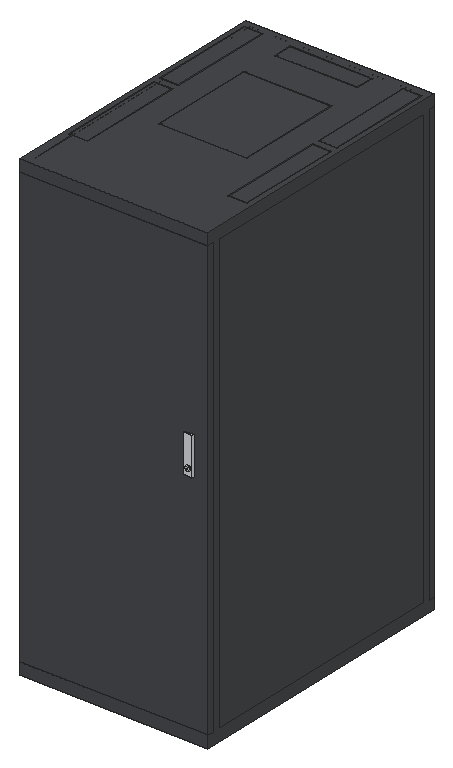
Revit family "Baie Linkeo DC largeur 800", category Equipement spécialisé, Revit 2020
Family settings
  Cote de connecteur circulaire = Utiliser le diamètre
  Type d'élément = Normal
  Basée sur le plan de construction = Non
  Toujours verticalement = Oui
  Couper avec des vides une fois chargée = Non
  Partagée = Oui
  Point de calcul de pièce = Non
Parameters (values of type "Baie Linkeo2 42U 800x1200")
  Profondeur du modèle = 1200.00 mm
  cd38db86-4490-4d9d-27f0-77a5fd12e0a2 = "IDS_CORPS_FIXE"
  Hauteur du modèle = 1965.00 mm
  Type d'aération = "Passive"
  Lien e-catalogue = "https://www.legrand.fr/reference/446803/pro"
  Passage utile en hauteur (mm) = 1881.00 mm
  Nombre d'unités en hauteur = 42
  Avec porte frontale = yes
  Hauteur = 2047.00 mm
  Classe d'application = "EC002499"
  RAL = "9005"
  Nombre de portes = "1"
  Température de stockage = "-25°C à 70°C"
  Elévation par défaut = 0.00 mm
  Distance ouverture 1 = 275.00 mm
  Profondeur = 1200.00 mm
  Emplacement de rack = 93.00 mm
  Avec tôle de toit = yes
  Verrouillage de la porte avant = "A trois points"
  Dimension modulaire = "19 pouces"
  Largeur (mm) = 800.00 mm
  Type de montage = "Avant et arrière"
  Indice de protection IK = "IK02"
  Libellé BIM = "Baie Linkeo DC 42U 800x1200 équipée"
  Température de fonctionnement = "-25°C à 70°C"
  Couleur = IDS_NOIR
  Matériau = "Acier"
  Référence Legrand = "446803"
  Fonction = "Baies serveur Linkeo DC"
  Finition de surface = "Poudré"
  Capacité de charge max = "1500"
  Passage utile en largeur (mm) = 1090.00 mm
  Modèle de largeur = 800.00 mm
  Indice de protection IP = "IP20"
  Avec mise à la terre = yes
  Matériau de la porte avant = IDS_ACIER
Types (4, lengths in mm): name | Profondeur du modèle | Hauteur du modèle | Lien e-catalogue | Nombre d'unités en hauteur | Hauteur | Profondeur | Libellé BIM | Référence Legrand | Passage utile en largeur (mm)
  Baie Linkeo2 42U 800x1000 | 1000.00 | 1965.00 | "https://www.legrand.fr/reference/446802/pro" | 42 | 2047.00 | 1000.00 | "Baie Linkeo DC 42U 800x1000 équipée" | "446802" | 890.00
  Baie Linkeo2 42U 800x1200 | 1200.00 | 1965.00 | "https://www.legrand.fr/reference/446803/pro" | 42 | 2047.00 | 1200.00 | "Baie Linkeo DC 42U 800x1200 équipée" | "446803" | 1090.00
  Baie Linkeo2 47U 800x1000 | 1000.00 | 2190.00 | "https://www.legrand.fr/reference/446806/pro" | 47 | 2269.00 | 1000.00 | "Baie Linkeo DC 47U 800x1000 équipée" | "446806" | 890.00
  Baie Linkeo2 47U 800x1200 | 1200.00 | 2190.00 | "https://www.legrand.fr/reference/446807/pro" | 47 | 2269.00 | 1200.00 | "Baie Linkeo DC 47U 800x1200 équipée" | "446807" | 1090.00
Reference planes
  plane 1 "Centre (avant/arrière)": y = 106
  plane 2: z = 0
  plane 3: x = -100
  plane 4: x = 700
  plane 5: z = 1965
  plane 6: y = -1094
  plane 7: x = 55
  plane 8: x = 545
  plane 9: x = 300
  plane 10: z = 1915
  plane 11: z = 50
  plane 12: z = 982.5
  plane 13: y = -1092
  plane 14: x = 300
  plane 15: y = -444.5
  plane 16: y = 455.094
  plane 17: x = 1428.928
  plane 18: z = -485.313
  plane 19: x = 2466.566
  plane 20: z = 982.5
  plane 21: x = 300
  plane 22: x = 500
  plane 23: x = 100
  plane 24: x = 300
  plane 25: y = -1001
  plane 26: x = 525
  plane 27: y = -999.5
  plane 28: x = 556.5
  plane 29: x = 558
  plane 30: y = -960.5
  plane 31: y = -959
  plane 32: x = 534.5
  plane 33: x = 536
  plane 34: z = 80
  plane 35: z = 89.5
  plane 36: x = 528.5
  plane 37: x = 538
  plane 38: z = 111.75
  plane 39: z = 121.25
  plane 40: y = -742.5
  plane 41: y = -752
  plane 42: z = 105.38
  plane 43: z = 95.88
  plane 44: x = 77
  plane 45: x = 67.5
  plane 46: x = 66
  plane 47: z = 55
  plane 48: z = 1930
  plane 49: z = 982.5
  plane 50: y = -1094
  plane 51: y = 66
  plane 52: z = 35
  plane 53: y = -601
  plane 54 "Panneaux gauche": y = -997.5
  plane 55 "Panneaux droit": y = 62.5
  plane 56 "Panneaux haut": z = 1928
  plane 57: z = 1880
  plane 58: z = 1880
  plane 59: y = -467.5
  plane 60: x = 175
  plane 61: x = 425
  plane 62: y = 61
  plane 63: y = -19
  plane 64: x = 125
  plane 65: x = 475
  plane 66: y = -344.658
  plane 67: y = 102.842
  plane 68: y = -342.158
  plane 69: x = 127.5
  plane 70: y = 91.5
  plane 71: y = 7.5
  plane 72: x = 499.5
  plane 73: y = -619
  plane 74: y = -171.5
  plane 75: y = -616.5
  plane 76: x = -49
  plane 77: x = 41
  plane 78: y = -92
  plane 79: y = -496
  plane 80: y = -94.5
  plane 81: x = -46.5
  plane 82: x = 559
  plane 83: x = 649
  plane 84: x = 115
  plane 85: x = 485
  plane 86: x = 115
  plane 87: x = 485
  plane 88: y = -1001
  plane 89: z = 124.45
  plane 90: x = 42
  plane 91: y = -493.5
  plane 92: x = 561.5
  plane 93: z = 1897
  plane 94: y = -494
  plane 95: y = 84.5
  plane 96: y = -1072.5
  plane 97: x = 41
  plane 98: x = 559
  plane 99: x = 300
  plane 100: z = 1897
  plane 101: y = -694
  plane 102: z = 72
  plane 103: z = 1893
  plane 104: y = 82.5
  plane 105: y = -1070.5
  plane 106: x = 38.5
  plane 107: x = 646.5
  plane 108: x = 678.5
  plane 109: x = -78.5
  plane 110: z = 1923
  plane 111: z = 42
  plane 112: z = 982.5
  plane 113: y = -494
  plane 114: y = 51
  plane 115: y = -1039
  plane 116: y = -294
  plane 117: y = -494
  plane 118: y = -16.5
  plane 119: y = 58.5
  plane 120: x = 472.5
  plane 121: y = 23.5
  plane 122: y = 98.5
  plane 123: x = 438
  plane 124: x = 150
  plane 125: x = 450
  plane 126: x = 177.5
  plane 127: x = 422.5
  plane 128: y = -169
  plane 129: y = 105.342
  plane 130: x = 112.5
  plane 131: x = 487.5
  plane 132: x = 112.5
  plane 133: x = 487.5
  plane 134: x = 605
  plane 135: x = 641
  plane 136: z = 1175
  plane 137: z = 1015
  plane 138: x = 623
  plane 139: y = -870
  plane 140: y = -1070
  plane 141: y = 82
  plane 142: y = -1104
  plane 143: x = -5
  plane 144: x = -41
  plane 145: z = 1175
  plane 146: z = 1015
  plane 147: x = 77
  plane 148: z = 1854.5
  plane 149: z = 1854.5
  plane 150: z = 0
  plane 151: z = 46.5
  plane 152: x = -78
  plane 153: x = 2
  plane 154: y = -379
  plane 155: y = 71
  plane 156: y = -409
  plane 157: y = -859
  plane 158: x = 678
  plane 159: x = 598
  plane 160: y = -379
  plane 161: y = 71
  plane 162: y = -409
  plane 163: y = -859
Forms (mm)
  Extrusion 1, solid, material "IDS_NOIR" <- "Couleur"
    sketch origin (-100, 0, 0) x (0, 1, 0) y (0, 0, 1)
      loop
        line (-1094, 0) -> (106, 0) -> (106, 1965) -> (-1094, 1965) -> (-1094, 0)
    from 0 to 800
  Extrusion 2, void
    sketch origin (-250, 82.5, 1200) x (1, 0, 0) y (0, 0, 1)
      loop
        line (185, 763) -> (185, -1198) -> (915, -1198) -> (915, 763) -> (185, 763)
    from 0 to 1153
  Extrusion 3, void
    sketch origin (0, 106, 0) x (1, 0, 0) y (0, 0, 1)
      loop
        line (55, 1915) -> (55, 50) -> (545, 50) -> (545, 1915) -> (55, 1915)
    from 0 to 1200
  Extrusion 4, solid
    sketch origin (797, -1094, 132.5) x (0, 0, 1) y (-1, 0, 0)
      loop
        line (1042.5, 192) -> (882.5, 192) -> (882.5, 156) -> (1042.5, 156) -> (1042.5, 192)
    from 0 to 10
  Extrusion 5, void
    sketch origin (797, -1106.5, 132.5) x (0, 0, -1) y (-1, 0, 0)
      loop
        line (-906.261, 178.459) -> (-908.194, 180.391) -> (-918.8, 169.785) -> (-916.867, 167.852) -> (-906.261, 178.459)
    from 0 to 2
  Extrusion 6, void
    sketch origin (0, -23, 0) x (1, 0, 0) y (0, 1, 0)
      loop
        line (112.5, -596) -> (487.5, -596) -> (487.5, -146) -> (112.5, -146) -> (112.5, -596)
    from 1965 to 1927.5
  Extrusion 7, void
    sketch origin (-100, 106, 1965) x (1, 0, 0) y (0, -1, 0)
      loop
        line (225, 125) -> (225, 45) -> (575, 45) -> (575, 125) -> (225, 125)
    from 2 to 0
  Extrusion 8, solid, material "IDS_NOIR" <- "Couleur"
    sketch origin (-65.5, 106, 1965) x (0, -1, 0) y (1, 0, 0)
      loop
        line (47.5, 193) -> (122.5, 193) -> (122.5, 538) -> (47.5, 538) -> (47.5, 193)
    from 0 to -2
  Extrusion 9, solid, material "IDS_NOIR" <- "Couleur", not visible
    sketch origin (-100, 146, 850) x (0, -1, 0) y (1, 0, 0)
      loop
        line (47.5, 193) -> (122.5, 193) -> (122.5, 538) -> (47.5, 538) -> (47.5, 193)
    from 0 to -2
  Extrusion 10, solid, material "IDS_NOIR" <- "Couleur"
    sketch origin (-100, 106, 1965) x (0, -1, 0) y (1, 0, 0)
      loop
        line (277.5, 215) -> (722.5, 215) -> (722.5, 585) -> (277.5, 585) -> (277.5, 215)
    from -2 to 0
  Extrusion 11, void
    sketch origin (0, 106, 0) x (1, 0, 0) y (0, 0, 1)
      loop
        line (649, 1893) -> (-49, 1893) -> (-49, 72) -> (649, 72) -> (649, 1893)
    from 2 to 0
  Extrusion 12, void
    sketch origin (-100, 0, 0) x (0, 1, 0) y (0, 0, 1)
      loop
        line (51, 1915) -> (-1039, 1915) -> (-1039, 50) -> (51, 50) -> (51, 1915)
    from 0 to 21.5
  Extrusion 13, solid, material "IDS_NOIR" <- "Couleur"
    sketch origin (-100, 0, 0) x (0, 1, 0) y (0, 0, 1)
      loop
        line (51, 1915) -> (-1039, 1915) -> (-1039, 50) -> (51, 50) -> (51, 1915)
    from 0 to 21.5
  Extrusion 14, solid, material "IDS_NOIR" <- "Couleur"
    sketch origin (700, 0, 0) x (0, 1, 0) y (0, 0, 1)
      loop
        line (-1039, 1915) -> (-1039, 50) -> (51, 50) -> (51, 1915) -> (-1039, 1915)
    from 0 to -21.5
  Extrusion 15, void
    sketch origin (700, 0, 0) x (0, -1, 0) y (0, 0, 1)
      loop
        line (1039, 1915) -> (-51, 1915) -> (-51, 50) -> (1039, 50) -> (1039, 1915)
    from 0 to 21.5
  Extrusion 16, void
    sketch origin (-100, 0, 0) x (0, 1, 0) y (0, 0, 1)
      loop
        line (51, 1915) -> (-1039, 1915) -> (-1039, 50) -> (51, 50) -> (51, 1915)
    from 0 to 800
  Extrusion 17, void
    sketch origin (-100, -1094, 0) x (1, 0, 0) y (0, -1, 0)
      loop
        line (275, -1155) -> (525, -1155) -> (525, -1075) -> (275, -1075) -> (275, -1155)
    from -2 to 0
  Extrusion 18, solid, material "IDS_NOIR" <- "Couleur"
    sketch origin (-100, 106, 1965) x (0, -1, 0) y (1, 0, 0)
      loop
        line (122.5, 277.5) -> (122.5, 522.5) -> (47.5, 522.5) -> (47.5, 277.5) -> (122.5, 277.5)
    from -1965 to -1963
  Extrusion 19, solid
    sketch origin (797, -1104, 132.5) x (0, 0, 1) y (-1, 0, 0)
      loop
        circle (912.5, 174) r 10
    from 0 to 2.5
  Extrusion 20, void
    sketch origin (700, 0, 0) x (0, -1, 0) y (0, 0, 1)
      loop
        line (1094, 1915) -> (1070, 1915) -> (1070, 50) -> (1094, 50) -> (1094, 1915)
      loop
        line (-82, 1915) -> (-106, 1915) -> (-106, 50) -> (-82, 50) -> (-82, 1915)
    from 0 to 800
  Extrusion 21, solid, material "IDS_NOIR" <- "Couleur"
    sketch origin (700, 0, 0) x (0, 1, 0) y (0, 0, 1)
      loop
        line (-1094, 1915) -> (-1094, 50) -> (-1070, 50) -> (-1070, 1915) -> (-1094, 1915)
      loop
        line (82.5, 1915) -> (82.5, 50) -> (106, 50) -> (106, 1915) -> (82.5, 1915)
    from -800 to 0
  Extrusion 22, solid
    sketch origin (600, 106, 1915) x (0, 0, -1) y (-1, 0, 0)
      loop
        line (740, 605) -> (900, 605) -> (900, 641) -> (740, 641) -> (740, 605)
    from 0 to 10
  Extrusion 23, solid
    sketch origin (600, 116, 1915) x (0, 0, -1) y (-1, 0, 0)
      loop
        circle (870, 623) r 10
    from 0 to 2.5
  Extrusion 24, void
    sketch origin (-545.581, 118.5, 2139.497) x (0, 0, 1) y (-1, 0, 0)
      loop
        line (-1099.92, -526.801) -> (-1097.728, -528.994) -> (-1087.121, -518.387) -> (-1089.314, -516.194) -> (-1099.92, -526.801)
    from 0 to 2
  Extrusion 25, void
    sketch origin (-100, 106, 1965) x (1, 0, 0) y (0, -1, 0)
      loop
        line (22, 515) -> (102, 515) -> (102, 965) -> (22, 965) -> (22, 515)
      loop
        line (22, 35) -> (102, 35) -> (102, 485) -> (22, 485) -> (22, 35)
      loop
        line (698, 965) -> (698, 515) -> (778, 515) -> (778, 965) -> (698, 965)
      loop
        line (778, 485) -> (698, 485) -> (698, 35) -> (778, 35) -> (778, 485)
    from 0 to 4
  Extrusion 26, solid, material "IDS_NOIR" <- "Couleur"
    sketch origin (-100, 106, 1965) x (0, -1, 0) y (1, 0, 0)
      loop
        line (962.5, 24.5) -> (962.5, 99.5) -> (517.5, 99.5) -> (517.5, 24.5) -> (962.5, 24.5)
      loop
        line (482.5, 24.5) -> (482.5, 99.5) -> (37.5, 99.5) -> (37.5, 24.5) -> (482.5, 24.5)
      loop
        line (962.5, 700.5) -> (962.5, 775.5) -> (517.5, 775.5) -> (517.5, 700.5) -> (962.5, 700.5)
      loop
        line (482.5, 700.5) -> (482.5, 775.5) -> (37.5, 775.5) -> (37.5, 700.5) -> (482.5, 700.5)
    from 0 to -2
Cuts and joins
  Extrusion 2, Extrusion 3, Extrusion 6, Extrusion 7, Extrusion 11, Extrusion 12, Extrusion 15, Extrusion 16, Extrusion 17, Extrusion 20, Extrusion 25 cuts Extrusion 1
  Extrusion 5 cuts Extrusion 4
  Extrusion 20 cuts Extrusion 14
  Extrusion 5 cuts Extrusion 19
  Extrusion 24 cuts Extrusion 23
Lines and regions (mm)
  model lines, not visible
    curve 1: line (488, 106, 982.5) -> (510, 106, 982.5)
    curve 2: line (604, -455.5, 1880) -> (604, -467.5, 1880)
Dimensions and locks
  "Modèle de largeur": plane 4 to plane 3
  "Hauteur du modèle": plane 5 to level
  "Profondeur du modèle": plane 6 to plane 1 "Centre (avant/arrière)"
  locked: plane 7 to plane 8 at 490
  equal spacing: plane 7, plane 9, plane 8
  equal spacing: plane 4, plane 9, plane 3
  equal spacing: plane 5, plane 12, level
  equal spacing: plane 10, plane 12, plane 11
  Extrusion 2 sketch curve to plane 3 = 35.00 mm
  Extrusion 2 sketch curve to plane 4 = 35.00 mm
  locked: Extrusion 2 sketch curve to level at 2
  locked: plane 5 to Extrusion 2 sketch curve at 2
  locked: plane 6 to plane 13 at 2
  cut or joined group 1 (Extrusion 1, Extrusion 2, Extrusion 3, Extrusion 6, Extrusion 7, Extrusion 11, Extrusion 12, Extrusion 15, Extrusion 16, Extrusion 17, Extrusion 20, Extrusion 25) to plane 1 "Centre (avant/arrière)" = 23.50 mm
  equal spacing: plane 3, plane 14, plane 4
  equal spacing: plane 23, plane 24, plane 22
  "Emplacement de rack": plane 25 to plane 6
  locked: plane 27 to plane 25 at 1.5
  locked: plane 28 to plane 29 at 1.5
  locked: plane 30 to plane 31 at 1.5
  locked: plane 32 to plane 33 at 1.5
  plane 29 to cut or joined group 1 = 107.00 mm
  locked: plane 26 to plane 28 at 31.5
  locked: plane 31 to plane 25 at 42
  locked: plane 32 to plane 29 at 23.5
  locked: plane 34 to level at 80
  locked: plane 35 to plane 34 at 9.5
  locked: plane 36 to plane 37 at 9.5
  locked: plane 26 to plane 36 at 3.5
  locked: plane 39 to plane 38 at 9.5
  locked: plane 38 to plane 34 at 31.75
  plane 41 to plane 40 = 9.50 mm
  locked: plane 42 to plane 43 at 9.5
  plane 43 to plane 35 = 6.38 mm
  locked: plane 45 to plane 46 at 1.5
  locked: plane 47 to plane 11 at 5
  plane 5 to plane 48 to plane 10 = 35.00 mm, 15.00 mm
  locked: plane 51 to plane 1 "Centre (avant/arrière)" at 40
  locked: plane 52 to level at 35
  locked: plane 48 to plane 5 at 35
  locked: plane 25 to plane 54 "Panneaux gauche" at 3.5
  locked: plane 55 "Panneaux droit" to plane 51 at 3.5
  locked: plane 56 "Panneaux haut" to plane 48 at 2
  plane 57 to plane 5 = 85.00 mm
  locked: plane 5 to plane 58 at 85
  plane 54 "Panneaux gauche" to plane 55 "Panneaux droit" = 1060.00 mm
  equal spacing: plane 54 "Panneaux gauche", plane 59, plane 55 "Panneaux droit"
  plane 64 to plane 65 = 350.00 mm
  locked: plane 78 to plane 79 at 404
  locked: plane 76 to plane 77 at 90
  locked: plane 78 to plane 80 at 2.5
  locked: plane 76 to plane 81 at 2.5
  locked: plane 3 to plane 76 at 51
  locked: plane 82 to plane 83 at 90
  plane 83 to plane 4 = 51.00 mm
  locked: plane 89 to plane 34 at 44.45
  equal spacing: plane 90, plane 24, plane 29
  locked: plane 90 to plane 29 at 516
  plane 1 "Centre (avant/arrière)" to plane 62 = 45.00 mm
  cut or joined group 1 to plane 63 = 80.00 mm
  plane 91 to plane 79 = 2.50 mm
  plane 5 to plane 93 = 68.00 mm
  equal spacing: plane 95, plane 94, plane 96
  equal spacing: plane 1 "Centre (avant/arrière)", plane 94, plane 6
  equal spacing: plane 97, plane 99, plane 98, locked at 259 each
  equal spacing: Extrusion 12 sketch curve, plane 94, Extrusion 12 sketch curve
  "Passage utile en largeur (mm)": Extrusion 12 sketch curve to Extrusion 12 sketch curve
  locked: plane 102 to level at 72
  plane 5 to plane 103 = 72.00 mm
  locked: plane 1 "Centre (avant/arrière)" to plane 104 at 23.5
  locked: plane 50 to plane 105 at 23.5
  locked: plane 106 to plane 77 at 2.5
  locked: plane 107 to plane 83 at 2.5
  locked: plane 108 to plane 4 at 21.5
  locked: plane 3 to plane 109 at 21.5
  equal spacing: plane 110, plane 112, plane 111
  "Passage utile en hauteur (mm)": plane 110 to plane 111
  equal spacing: plane 114, plane 113, plane 115
  "Passage utile en largeur (mm)": plane 114 to plane 115
  equal spacing: plane 1 "Centre (avant/arrière)", plane 116, plane 101
  equal spacing: plane 50, plane 117, plane 1 "Centre (avant/arrière)"
  locked: plane 11 to level at 50
  plane 5 to level = 1965.00 mm
  plane 6 to plane 1 "Centre (avant/arrière)" = 1200.00 mm
  equal spacing: plane 124, plane 24, plane 125
  locked: plane 124 to plane 125 at 300
  plane 130 to plane 131 = 375.00 mm
  "Distance ouverture 1": cut or joined group 1 to plane 1 "Centre (avant/arrière)"
  locked: plane 135 to plane 134 at 36
  locked: plane 136 to plane 137 at 160
  cut or joined group 1 to plane 139 = 224.00 mm
  plane 6 to plane 140 = 24.00 mm
  plane 141 to plane 1 "Centre (avant/arrière)" = 24.00 mm
  locked: plane 142 to plane 6 at 10
  plane 136 to plane 137 = 160.00 mm
  equal spacing: cut or joined group of Extrusion 4, Extrusion 5, plane 138, cut or joined group of Extrusion 4, Extrusion 5
  Extrusion 19 sketch curve to cut or joined group of Extrusion 4, Extrusion 5 = 30.00 mm
  locked: plane 144 to plane 143 at 36
  locked: plane 145 to plane 146 at 160
  plane 145 to plane 146 = 160.00 mm
  Extrusion 22 to Extrusion 23 sketch curve = 30.00 mm
  locked: plane 5 to plane 148 at 110.5
  locked: plane 152 to plane 153 at 80
  locked: plane 155 to plane 154 at 450
  locked: plane 1 "Centre (avant/arrière)" to plane 155 at 35
  locked: plane 158 to plane 159 at 80
  locked: plane 161 to plane 160 at 450
  plane 3 to plane 152 = 22.00 mm
  plane 158 to plane 4 = 22.00 mm
  locked: cut or joined group 1 to Extrusion 26 sketch curve at 2.5  (x2)
  locked: Extrusion 26 sketch curve to plane 153 at 2.5  (x2)
  locked: Extrusion 26 sketch curve to plane 156 at 2.5
  locked: Extrusion 26 sketch curve to plane 154 at 2.5
  locked: plane 152 to Extrusion 26 sketch curve at 2.5
  locked: plane 155 to Extrusion 26 sketch curve at 2.5
  locked: Extrusion 26 sketch curve to plane 163 at 2.5
  locked: plane 159 to Extrusion 26 sketch curve at 2.5  (x2)
  locked: Extrusion 26 sketch curve to plane 158 at 2.5  (x2)
  locked: plane 162 to Extrusion 26 sketch curve at 2.5
  locked: Extrusion 26 sketch curve to plane 160 at 2.5
  locked: plane 161 to Extrusion 26 sketch curve at 2.5
  aligned and locked: level to plane 2
  aligned and locked: Extrusion 1 sketch curve to level
  aligned and locked: Extrusion 1 sketch curve to plane 6
  aligned and locked: plane 5 to Extrusion 1 sketch curve
  aligned and locked: Extrusion 1 sketch curve to plane 1 "Centre (avant/arrière)"
  aligned and locked: Extrusion 1 to plane 4
  aligned and locked: Extrusion 1 to plane 3
  aligned and locked: Extrusion 3 sketch curve to plane 10
  aligned and locked: Extrusion 3 sketch curve to plane 7
  aligned and locked: plane 11 to Extrusion 3 sketch curve
  aligned and locked: Extrusion 3 sketch curve to plane 8
  aligned and locked: Extrusion 1 to Extrusion 3  (x2)
  aligned and locked: plane 24 to plane 9
  aligned and locked: plane 20 to plane 12
  aligned and locked: plane 49 to plane 20
  aligned and locked: plane 6 to plane 50
  aligned and locked: Extrusion 7 sketch curve to plane 64
  aligned and locked: plane 65 to Extrusion 7 sketch curve
  aligned and locked: Extrusion 1 to Extrusion 7
  aligned and locked: Extrusion 10 to cut or joined group 1
  aligned and locked: plane 5 to Extrusion 10
  aligned and locked: plane 83 to Extrusion 11 sketch curve
  aligned and locked: plane 76 to Extrusion 11 sketch curve
  aligned and locked: Extrusion 11 to Extrusion 1
  aligned and locked: plane 88 to plane 25
  aligned and locked: Extrusion 7 sketch curve to plane 62
  aligned and locked: Extrusion 7 sketch curve to plane 63
  aligned and locked: Extrusion 1 to Extrusion 6
  aligned and locked: plane 99 to plane 14
  aligned and locked: plane 100 to plane 93
  aligned and locked: plane 103 to Extrusion 11 sketch curve
  aligned and locked: Extrusion 11 sketch curve to plane 102
  aligned and locked: cut or joined group 1 to Extrusion 13 sketch curve  (x2)
  aligned and locked: Extrusion 14 sketch curve to cut or joined group 1  (x4)
  aligned and locked: plane 104 to Extrusion 2
  aligned and locked: Extrusion 2 to plane 105
  aligned and locked: Extrusion 14 to plane 108
  aligned and locked: Extrusion 13 to plane 109
  aligned and locked: Extrusion 12 to Extrusion 13
  aligned and locked: Extrusion 15 sketch curve to Extrusion 14  (x2)
  aligned and locked: Extrusion 15 sketch curve to cut or joined group 1  (x2)
  aligned and locked: Extrusion 15 to Extrusion 14
  aligned and locked: plane 12 to plane 112
  aligned and locked: Extrusion 16 sketch curve to plane 11
  aligned and locked: Extrusion 16 sketch curve to plane 115
  aligned and locked: plane 114 to Extrusion 16 sketch curve
  aligned and locked: plane 10 to Extrusion 16 sketch curve
  aligned and locked: Extrusion 16 to plane 4
  aligned and locked: plane 94 to plane 113
  aligned and locked: Extrusion 7 to Extrusion 2
  aligned and locked: plane 69 to Extrusion 8
  aligned and locked: Extrusion 17 sketch curve to plane 62
  aligned and locked: plane 63 to Extrusion 17 sketch curve
  aligned and locked: Extrusion 17 to cut or joined group 1
  aligned and locked: Extrusion 17 to level
  aligned and locked: Extrusion 18 sketch curve to plane 118
  aligned and locked: Extrusion 18 sketch curve to plane 126
  aligned and locked: plane 119 to Extrusion 18 sketch curve
  aligned and locked: Extrusion 18 sketch curve to plane 127
  aligned and locked: Extrusion 18 to cut or joined group 1
  aligned and locked: Extrusion 18 to level
  aligned and locked: Extrusion 17 sketch curve to plane 60
  aligned and locked: Extrusion 17 sketch curve to plane 61
  aligned and locked: Extrusion 7 to Extrusion 8
  aligned and locked: Extrusion 6 sketch curve to plane 73
  aligned and locked: Extrusion 6 sketch curve to plane 130
  aligned and locked: Extrusion 6 sketch curve to plane 128
  aligned and locked: Extrusion 6 sketch curve to plane 131
  aligned and locked: Extrusion 10 sketch curve to plane 74
  aligned and locked: Extrusion 10 sketch curve to plane 84
  aligned and locked: plane 75 to Extrusion 10 sketch curve
  aligned and locked: Extrusion 10 sketch curve to plane 85
  aligned and locked: plane 10 to Extrusion 13 sketch curve
  aligned and locked: Extrusion 13 sketch curve to plane 11
  aligned and locked: Extrusion 12 sketch curve to plane 11
  aligned and locked: plane 10 to Extrusion 12 sketch curve
  aligned and locked: plane 134 to Extrusion 4 sketch curve
  aligned and locked: Extrusion 4 sketch curve to plane 135
  aligned and locked: Extrusion 19 to cut or joined group of Extrusion 4, Extrusion 5
  aligned and locked: Extrusion 19 to Extrusion 5
  aligned and locked: cut or joined group 1 to Extrusion 20 sketch curve
  aligned and locked: plane 10 to Extrusion 20 sketch curve  (x2)
  aligned and locked: plane 6 to Extrusion 20 sketch curve
  aligned and locked: plane 140 to Extrusion 20
  aligned and locked: plane 141 to Extrusion 20 sketch curve
  aligned and locked: Extrusion 20 sketch curve to plane 1 "Centre (avant/arrière)"
  aligned and locked: Extrusion 20 sketch curve to plane 11
  aligned and locked: Extrusion 21 sketch curve to plane 140
  aligned and locked: Extrusion 21 sketch curve to plane 6
  aligned and locked: plane 11 to Extrusion 21 sketch curve  (x2)
  aligned and locked: Extrusion 21 sketch curve to plane 10  (x2)
  aligned and locked: Extrusion 21 to plane 3
  aligned and locked: Extrusion 21 to plane 4
  aligned and locked: plane 1 "Centre (avant/arrière)" to Extrusion 21 sketch curve
  aligned and locked: plane 104 to Extrusion 21 sketch curve
  aligned and locked: Extrusion 4 to plane 6
  aligned and locked: cut or joined group of Extrusion 4, Extrusion 5 to plane 142
  aligned and locked: plane 137 to Extrusion 4 sketch curve
  aligned and locked: Extrusion 4 sketch curve to plane 136
  aligned and locked: plane 143 to Extrusion 22 sketch curve
  aligned and locked: Extrusion 22 sketch curve to plane 144
  aligned and locked: plane 146 to Extrusion 22 sketch curve
  aligned and locked: Extrusion 22 sketch curve to plane 145
  aligned and locked: plane 149 to plane 148
  aligned and locked: Extrusion 8 to plane 118
  aligned and locked: plane 119 to Extrusion 8
  aligned and locked: Extrusion 9 to plane 121
  aligned and locked: plane 122 to Extrusion 9
  aligned and locked: Extrusion 8 to plane 120
  aligned and locked: Extrusion 9 to plane 123
  aligned and locked: Extrusion 1 to Extrusion 20
  aligned and locked: plane 153 to Extrusion 25 sketch curve  (x2)
  aligned and locked: Extrusion 25 sketch curve to plane 155
  aligned and locked: Extrusion 25 sketch curve to plane 152
  aligned and locked: Extrusion 25 sketch curve to plane 154
  aligned and locked: Extrusion 25 sketch curve to plane 156
  aligned and locked: Extrusion 25 sketch curve to plane 157
  aligned and locked: plane 152 to Extrusion 25 sketch curve
  aligned and locked: Extrusion 25 sketch curve to plane 159  (x2)
  aligned and locked: Extrusion 25 sketch curve to plane 163
  aligned and locked: Extrusion 25 sketch curve to plane 158  (x2)
  aligned and locked: Extrusion 25 sketch curve to plane 162
  aligned and locked: Extrusion 25 sketch curve to plane 160
  aligned and locked: Extrusion 25 sketch curve to plane 161
  aligned and locked: Extrusion 26 to cut or joined group 1
Automatic sketch dimensions
  curve 2 to curve 2 = 12.00 mm
  Extrusion 8 sketch curve to Extrusion 8 sketch curve = 75.00 mm
  Extrusion 8 sketch curve to Extrusion 8 sketch curve = 345.00 mm
  Extrusion 9 sketch curve to Extrusion 9 sketch curve = 75.00 mm
  Extrusion 9 sketch curve to Extrusion 9 sketch curve = 345.00 mm
  curve 1 to plane 12 = 0.00 mm
  curve 1 to plane 131 = 0.50 mm
  curve 1 to plane 22 = 10.00 mm
  curve 2 to plane 57 = 0.00 mm
  curve 2 to plane 59 = 0.00 mm
  plane 59 to curve 2 = 12.00 mm
  Extrusion 24 sketch curve to Extrusion 24 sketch curve = 2.193 mm  (x2)
  Extrusion 24 sketch curve to Extrusion 24 sketch curve = 10.607 mm
  Extrusion 5 sketch curve to Extrusion 5 sketch curve = 1.933 mm  (x2)
  Extrusion 5 sketch curve to Extrusion 5 sketch curve = 10.607 mm
  Extrusion 19 sketch curve to Extrusion 4 = 18.00 mm
  Extrusion 20 sketch curve to Extrusion 20 sketch curve = 24.00 mm
  Extrusion 23 sketch curve to Extrusion 22 = 18.00 mm
  radius of Extrusion 19 sketch curve = 10.00 mm
  radius of Extrusion 23 sketch curve = 10.00 mm
